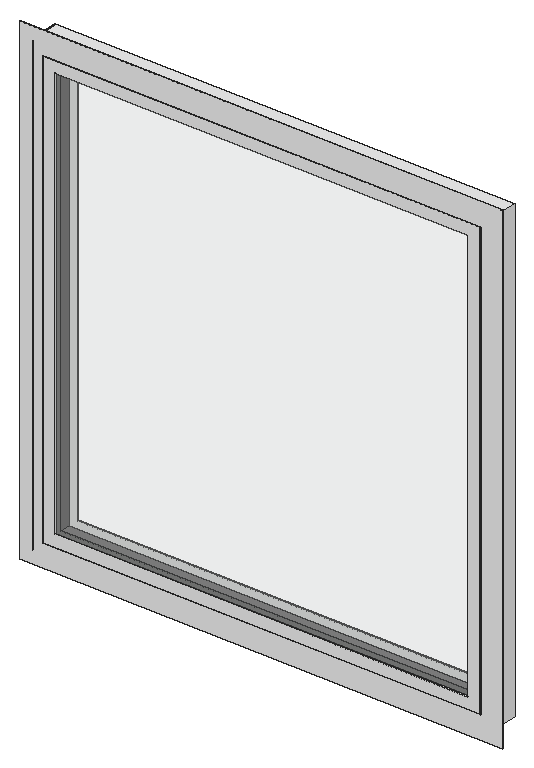
Revit family "Casement_38_C_Top_Hung_Standard", category Windows, host Wall, Revit 2014
Parameters (values of type "Casement_Sash_DG")
  Width Sash [instance] = 30 mm
  Width Sash Inner = 15 mm
  Width Bead = 15 mm
  Top Hung [instance] = yes
  Side Hung Right [instance] = yes
  Side Hung Left [instance] = yes
  Sash Opening Width [instance] = 600 mm
  Sash Opening Height [instance] = 600.312 mm
  Sash Lip = 15 mm
  Glazing Material [instance] = Glass
  DG Start Piece 2 [instance] = DG End Piece 1 + DG Gasket Thickness  # 25 mm
  DG Start Peice 1 [instance] = (Depth Sash - (2 * DG Glazing Thickness) - DG Gasket Thickness) / 2  # 6.6 mm
  Glazing Offset = 5 mm
  DG Glazing Thickness [instance] = 6.4 mm
  DG Gasket Thickness = 12 mm  # constant formula
  DG Gasket Material [instance] = Double Glazing Gasket Material
  DG End Piece 2 [instance] = DG Start Piece 2 + DG Glazing Thickness  # 31.4 mm
  DG End Piece 1 [instance] = DG Start Peice 1 + DG Glazing Thickness  # 13 mm
  Depth Sash [instance] = 38 mm
  Center Vertical Sash [instance] = Sash Opening Height / 2  # 300.156 mm
  Center Horizontal Sash [instance] = Sash Opening Width / 2  # 300 mm
  Bottom Hung [instance] = yes
  Bead Offset = 15 mm
  Aluminium Thickness = 1 mm
  Aluminium Material [instance] = White Powder Coated Aluminium
Reference planes
  plane 1 "Center (Front/Back)": y = 0
  plane 2: z = 0
  plane 3 "Center (Left/Right)": x = 0
Forms (mm)
  Sweep 1, solid, material "White Powder Coated Aluminium" <- "Aluminium Material"
    path origin (16.177, 0, 121.331) x (1, 0, 0) y (0, 0, 1)
      loop
        line (0, 0) -> (600, 0) -> (600, 600.312) -> (0, 600.312) -> (0, 0)
    profile origin (316.177, 0, 121.331) x (0, 0, 1) y (0, -1, 0)
      loop
        line (0, 0) -> (30, 0) -> (30, 1) -> (15, 1) -> (15, 38) -> (-15, 38) -> (-15, 37) -> (0, 37) -> (0, 0)
      loop
        line (14, 1) -> (14, 37) -> (1, 37) -> (1, 1) -> (14, 1)
  Sweep 2, solid, material "White Powder Coated Aluminium" <- "Aluminium Material"
    path origin (0, 0, 0) x (1, 0, 0) y (0, 0, 1)
      loop
        line (31.177, 706.643) -> (31.177, 136.331) -> (601.177, 136.331) -> (601.177, 706.643) -> (31.177, 706.643)
    profile origin (316.177, 0, 706.643) x (0, 0, 1) y (0, -1, 0)
      loop
        line (0, 37) -> (0, 38) -> (-15, 38) -> (-15, 37) -> (0, 37)
  Extrusion 3, solid, material "Glass" <- "Glazing Material"
    sketch origin (0, 0, 0) x (1, 0, 0) y (0, 0, 1)
      loop
        line (36.177, 701.643) -> (36.177, 141.331) -> (596.177, 141.331) -> (596.177, 701.643) -> (36.177, 701.643)
    from 6.6 <- "DG Start Peice 1" to 13 <- "DG End Piece 1"
  Extrusion 4, solid, material "Glass" <- "Glazing Material"
    sketch origin (0, 0, 0) x (1, 0, 0) y (0, 0, 1)
      loop
        line (36.177, 701.643) -> (36.177, 141.331) -> (596.177, 141.331) -> (596.177, 701.643) -> (36.177, 701.643)
    from 31.4 <- "DG End Piece 2" to 25 <- "DG Start Piece 2"
  Sweep 5, solid, material "Double Glazing Gasket Material" <- "DG Gasket Material"
    path origin (0, -13, 0) x (1, 0, 0) y (0, 0, 1)
      loop
        line (36.177, 701.643) -> (36.177, 141.331) -> (596.177, 141.331) -> (596.177, 701.643) -> (36.177, 701.643)
    profile origin (316.177, -13, 701.643) x (0, 0, 1) y (0, -1, 0)
      loop
        line (0, 0) -> (0, 12) -> (-7.96, 12) -> (-7.96, 0) -> (0, 0)
Lines and regions (mm)
  model lines
    curve 1: line (1.177, -38, 736.643) -> (31.177, -38, 706.643)
    curve 2: line (601.177, -38, 706.643) -> (631.177, -38, 736.643)
    curve 3: line (601.177, -38, 136.331) -> (631.177, -38, 106.331)
    curve 4: line (1.177, -38, 106.331) -> (31.177, -38, 136.331)
    curve 5: line (631.177, -37, 736.643) -> (616.177, -37, 721.643)
    curve 6: line (1.177, -37, 736.643) -> (16.177, -37, 721.643)
    curve 7: line (1.177, -37, 106.331) -> (16.177, -37, 121.331)
    curve 8: line (631.177, -37, 106.331) -> (616.177, -37, 121.331)
    curve 9: line (616.177, 0, 121.331) -> (586.177, 0, 151.331)
    curve 10: line (46.177, 0, 151.331) -> (16.177, 0, 121.331)
    curve 11: line (616.177, 0, 721.643) -> (586.177, 0, 691.643)
    curve 12: line (46.177, 0, 691.643) -> (16.177, 0, 721.643)
    curve 13: line (31.177, -38, 691.643) -> (46.177, -38, 691.643)
    curve 14: line (586.177, -38, 691.643) -> (601.177, -38, 691.643)
    curve 15: line (586.177, -38, 151.331) -> (601.177, -38, 151.331)
    curve 16: line (31.177, -38, 151.331) -> (46.177, -38, 151.331)
  model lines, style "GenericModelHiddenLines", visible <- "Top Hung"
    curve 17: line (46.386, -31.4, 690.914) -> (316.177, -31.4, 151.331)
    curve 18: line (316.177, -31.4, 151.331) -> (586.177, -31.4, 691.331)
  model lines, style "GenericModelHiddenLines", visible <- "Bottom Hung"
    curve 19: line (46.177, -31.4, 151.331) -> (316.177, -31.4, 691.331)
    curve 20: line (316.177, -31.4, 691.331) -> (586.177, -31.4, 151.331)
  model lines, style "GenericModelHiddenLines", visible <- "Side Hung Left"
    curve 21: line (46.386, -31.4, 690.914) -> (585.24, -31.4, 421.487)
    curve 22: line (585.24, -31.4, 421.487) -> (46.177, -31.4, 151.331)
  model lines, style "GenericModelHiddenLines", visible <- "Side Hung Right"
    curve 23: line (586.177, -31.4, 691.331) -> (46.177, -31.4, 421.487)
    curve 24: line (46.177, -31.4, 421.487) -> (586.177, -31.4, 151.331)
Dimensions and locks
  "Aluminium Thickness": Sweep 1 sketch curve to Sweep 1 sketch curve  (x4)
  "Depth Sash": Sweep 1 sketch curve to Sweep 1 sketch curve
  "Sash Opening Width": Sweep 1 to Sweep 1
  "Sash Opening Height": Sweep 1 to Sweep 1
  "Width Sash": Sweep 1 sketch curve to Sweep 1 sketch curve  (x2)
  "Width Sash Inner": Sweep 1 sketch curve to Sweep 1 sketch curve
  "Sash Lip": Sweep 1 sketch curve to Sweep 1 sketch curve
  "Aluminium Thickness": Sweep 1 to Sweep 2 sketch curve
  "Glazing Offset": Sweep 2 to Extrusion 3 sketch curve  (x3)
  "Glazing Offset": Extrusion 3 sketch curve to Sweep 2
  Sweep 1 to Sweep 1 = 1 mm
  "Aluminium Thickness": Sweep 2 sketch curve to Sweep 2 sketch curve
  "Width Bead": Sweep 2 sketch curve to Sweep 2 sketch curve
  locked: Sweep 5 sketch curve to Sweep 5 sketch curve at 7.96
  "Center Horizontal Sash": Sweep 1 to curve 18
  "Center Horizontal Sash": Sweep 1 to curve 20
  "Center Vertical Sash": Sweep 1 to curve 22
  "Center Vertical Sash": Sweep 1 to curve 24
  aligned and locked: level to plane 2
  aligned and locked: Sweep 1 sketch curve to Sweep 1 sketch curve  (x2)
  aligned and locked: Sweep 2 sketch curve to Sweep 1  (x5)
  aligned and locked: Extrusion 4 sketch curve to Extrusion 3  (x4)
  aligned and locked: Sweep 5 sketch curve to Extrusion 3  (x5)
  aligned and locked: Extrusion 3 to Sweep 5 sketch curve
Automatic sketch dimensions
  plane 3 "Center (Left/Right)" to Sweep 1 sketch curve = 16.177 mm
  level to Sweep 1 sketch curve = 121.331 mm
  plane 3 "Center (Left/Right)" to Sweep 1 sketch curve = 616.177 mm
  level to Sweep 1 sketch curve = 721.643 mm
  profile plane to Sweep 5 sketch curve = 12 mm
  curve 7 to Sweep 1 = 0 mm  (x4)
  curve 6 to Sweep 1 = 0 mm  (x3)
  Sweep 1 to curve 6 = 0 mm
  curve 5 to Sweep 1 = 0 mm  (x3)
  curve 8 to Sweep 1 = 0 mm  (x4)
  Sweep 1 to curve 5 = 0 mm
  curve 16 to Sweep 2 = 0 mm  (x3)
  curve 13 to Sweep 2 = 0 mm  (x3)
  curve 15 to Sweep 2 = 0 mm
  Sweep 2 to curve 15 = 0 mm  (x2)
  curve 14 to Sweep 2 = 0 mm  (x2)
  Sweep 2 to curve 14 = 0 mm
  curve 1 to Sweep 1 = 0 mm  (x4)
  curve 4 to Sweep 1 = 0 mm  (x3)
  Sweep 1 to curve 4 = 0 mm
  curve 3 to Sweep 1 = 0 mm  (x3)
  curve 2 to Sweep 1 = 0 mm  (x4)
  Sweep 1 to curve 3 = 0 mm
  curve 10 to Sweep 1 = 0 mm  (x4)
  curve 12 to Sweep 1 = 0 mm  (x3)
  Sweep 1 to curve 12 = 0 mm
  curve 9 to Sweep 1 = 0 mm  (x4)
  curve 11 to Sweep 1 = 0 mm  (x3)
  Sweep 1 to curve 11 = 0 mm
  Sweep 1 sketch curve to plane 1 "Center (Front/Back)" = 0 mm
  profile plane to Sweep 1 sketch curve = 0 mm
  curve 21 to Extrusion 4 = 10.208 mm
  curve 19 to Extrusion 4 = 10 mm
  curve 23 to Extrusion 4 = 10 mm  (x2)
  curve 22 to Extrusion 4 = 10.937 mm
  curve 20 to Extrusion 4 = 10 mm
  curve 24 to Extrusion 4 = 10 mm
  curve 22 to Extrusion 4 = 10 mm
  curve 18 to Extrusion 4 = 10 mm
  curve 21 to Extrusion 4 = 10.729 mm
  curve 19 to Extrusion 4 = 10.312 mm
  curve 18 to Extrusion 4 = 10.312 mm
Types in the file's own list only (6): name | Windload Design | Width Sash Right Opening | Width Sash Right | Width Sash Left Opening | Width Sash Left | Width Profile | Width Fixed Panel Center | Width | URL | Offset Window Exterior | Offset Mullion Right Side | Max System DG Unit Thickness | Max System DG One Piece Thickness | Max Pane Area | Limit Fixed Pane Width Max | Intruderprufe U Value | Intruderprufe SHGC Value | Intruderprufe LowE U Value | Intruderprufe LowE SHGC Value | Intruderprufe Insulated U Value | Intruderprufe Insulated SHGC Value | Intruderprufe Insulated LowE U Value | Intruderprufe Insulated LowE SHGC Value | Height Sash Opening | Height | Energy Advantage U Value | Energy Advantage SHGC Value | DG Thickness Calc | Custom Window Width | Custom Window Height | Window Exterior Offset | Custom Windload | Custom Sash Right Width | Custom Sash Left Width | Sash Height | Sash Spacing Inner | Sash Overlap | Sash Center Offset | SG Gasket Thickness | Offset Sash Side | Offset Sash Top | Offset Fixed Panel Left | Offset Mullion Left Side | Offset Bead Center Reversed | Model | Manufacturer | Limit Window Width Min | Limit Window Width Max | Limit Window Height Min | Limit Window Height Max | Limit Sash Width Min | Limit Sash Width Max | Limit Sash Height Min | Limit Sash Height Max | Limit Fixed Pane Width Min | Length Mullion | Height Sash | Height Fixed Panel Center | Description | Depth Mullion | Frame Center Offset | Depth Bead | Default Sill Height | Wall Closure | DG Gasket Finish | DG Extrusion Start | Mullion Depth Windload Based | Clearvue U Value | Clearvue SHGC Value | Clearvue Insulated U Value | Clearvue Insulated SHGC Value | Clearvue Insulated LowE U Value | Clearvue Insulated LowE SHGC Value | Casement Dimension | Bottom Hung | Bead SG Gap | Area Pane Right | Area Pane Middle | Area Pane Left
  38-1806TT-1000Pa | 1000 mm | 524 mm | 554 mm | 524 mm | 554 mm | 30 mm | 590 mm | 1790 mm | "http://www.crealco.co.za/crealco-products.php" | 19 mm | 570 mm | 25 mm | 6 mm | 0.30 m² | 1500 mm | 6.12 | 0.554 | 4.73 | 0.481 | 4.13 | 0.462 | 3.68 | 0.422 | 544 mm | 590 mm | 4.85 | 0.512 | 4 mm | 1790 mm | 590 mm | 0 mm | 1000 mm | 554 mm | 554 mm | 545 mm | 8 mm | 7 mm | 16 mm | 6 mm | 23 mm | 23 mm | 600 mm | 570 mm | 19 mm | "Casement 38" | "Crealco" | 1400 mm | 2700 mm | 346 mm | 1246 mm | 300 mm | 1500 mm | 300 mm | 1200 mm | 200 mm | 590 mm | 514 mm | 530 mm | "Window 38mm, Type C top hung" | 39 mm | 19 mm | 24 mm | 800 mm | By host | Double Glazing Gasket Material | 9 mm | 39 mm | 6.26 | 0.57 | 4.23 | 0.499 | 3.77 | 0.455 | 38 mm | No | 13 mm | 0.22 m² | 0.30 m² | 0.22 m²
  38-1806TT-1500Pa | 1500 mm | 524 mm | 554 mm | 524 mm | 554 mm | 30 mm | 590 mm | 1790 mm | "http://www.crealco.co.za/crealco-products.php" | 19 mm | 570 mm | 25 mm | 6 mm | 0.30 m² | 1500 mm | 6.12 | 0.554 | 4.73 | 0.481 | 4.13 | 0.462 | 3.68 | 0.422 | 544 mm | 590 mm | 4.85 | 0.512 | 4 mm | 1790 mm | 590 mm | 0 mm | 1500 mm | 554 mm | 554 mm | 545 mm | 8 mm | 7 mm | 16 mm | 6 mm | 23 mm | 23 mm | 600 mm | 570 mm | 19 mm | "Casement 38" | "Crealco" | 1400 mm | 2700 mm | 346 mm | 1246 mm | 300 mm | 1500 mm | 300 mm | 1200 mm | 200 mm | 590 mm | 514 mm | 530 mm | "Window 38mm, Type C top hung" | 39 mm | 19 mm | 24 mm | 800 mm | By host | Double Glazing Gasket Material | 9 mm | 39 mm | 6.26 | 0.57 | 4.23 | 0.499 | 3.77 | 0.455 | 38 mm | No | 13 mm | 0.22 m² | 0.30 m² | 0.22 m²
  38-1806TT-2000Pa | 2000 mm | 524 mm | 554 mm | 524 mm | 554 mm | 30 mm | 590 mm | 1790 mm | "http://www.crealco.co.za/crealco-products.php" | 19 mm | 570 mm | 25 mm | 6 mm | 0.30 m² | 1500 mm | 6.12 | 0.554 | 4.73 | 0.481 | 4.13 | 0.462 | 3.68 | 0.422 | 544 mm | 590 mm | 4.85 | 0.512 | 4 mm | 1790 mm | 590 mm | 0 mm | 2000 mm | 554 mm | 554 mm | 545 mm | 8 mm | 7 mm | 16 mm | 6 mm | 23 mm | 23 mm | 600 mm | 570 mm | 19 mm | "Casement 38" | "Crealco" | 1400 mm | 2700 mm | 346 mm | 1246 mm | 300 mm | 1500 mm | 300 mm | 1200 mm | 200 mm | 590 mm | 514 mm | 530 mm | "Window 38mm, Type C top hung" | 39 mm | 19 mm | 24 mm | 800 mm | By host | Double Glazing Gasket Material | 9 mm | 39 mm | 6.26 | 0.57 | 4.23 | 0.499 | 3.77 | 0.455 | 38 mm | No | 13 mm | 0.22 m² | 0.30 m² | 0.22 m²
  38-2406TT-1000Pa | 1000 mm | 524 mm | 554 mm | 524 mm | 554 mm | 30 mm | 1190 mm | 2390 mm | "http://www.crealco.co.za/crealco-products.php" | 19 mm | 570 mm | 25 mm | 6 mm | 0.61 m² | 1500 mm | 6.06 | 0.585 | 4.57 | 0.511 | 3.94 | 0.494 | 3.45 | 0.449 | 544 mm | 590 mm | 4.69 | 0.545 | 4 mm | 2390 mm | 590 mm | 0 mm | 1000 mm | 554 mm | 554 mm | 545 mm | 8 mm | 7 mm | 16 mm | 6 mm | 23 mm | 23 mm | 600 mm | 570 mm | 19 mm | "Casement 38" | "Crealco" | 1400 mm | 2700 mm | 346 mm | 1246 mm | 300 mm | 1500 mm | 300 mm | 1200 mm | 200 mm | 590 mm | 514 mm | 530 mm | "Window 38mm, Type C top hung" | 39 mm | 19 mm | 24 mm | 800 mm | By host | Double Glazing Gasket Material | 9 mm | 39 mm | 6.19 | 0.608 | 4.03 | 0.532 | 3.52 | 0.485 | 38 mm | No | 13 mm | 0.22 m² | 0.61 m² | 0.22 m²
  38-2406TT-1500Pa | 1500 mm | 524 mm | 554 mm | 524 mm | 554 mm | 30 mm | 1190 mm | 2390 mm | "http://www.crealco.co.za/crealco-products.php" | 19 mm | 570 mm | 25 mm | 6 mm | 0.61 m² | 1500 mm | 6.06 | 0.585 | 4.57 | 0.511 | 3.94 | 0.494 | 3.45 | 0.449 | 544 mm | 590 mm | 4.69 | 0.545 | 4 mm | 2390 mm | 590 mm | 0 mm | 1500 mm | 554 mm | 554 mm | 545 mm | 8 mm | 7 mm | 16 mm | 6 mm | 23 mm | 23 mm | 600 mm | 570 mm | 19 mm | "Casement 38" | "Crealco" | 1400 mm | 2700 mm | 346 mm | 1246 mm | 300 mm | 1500 mm | 300 mm | 1200 mm | 200 mm | 590 mm | 514 mm | 530 mm | "Window 38mm, Type C top hung" | 39 mm | 19 mm | 24 mm | 800 mm | By host | Double Glazing Gasket Material | 9 mm | 39 mm | 6.19 | 0.608 | 4.03 | 0.532 | 3.52 | 0.485 | 38 mm | No | 13 mm | 0.22 m² | 0.61 m² | 0.22 m²
  38-2406TT-2000Pa | 2000 mm | 524 mm | 554 mm | 524 mm | 554 mm | 30 mm | 1190 mm | 2390 mm | "http://www.crealco.co.za/crealco-products.php" | 19 mm | 570 mm | 25 mm | 6 mm | 0.61 m² | 1500 mm | 6.06 | 0.585 | 4.57 | 0.511 | 3.94 | 0.494 | 3.45 | 0.449 | 544 mm | 590 mm | 4.69 | 0.545 | 4 mm | 2390 mm | 590 mm | 0 mm | 2000 mm | 554 mm | 554 mm | 545 mm | 8 mm | 7 mm | 16 mm | 6 mm | 23 mm | 23 mm | 600 mm | 570 mm | 19 mm | "Casement 38" | "Crealco" | 1400 mm | 2700 mm | 346 mm | 1246 mm | 300 mm | 1500 mm | 300 mm | 1200 mm | 200 mm | 590 mm | 514 mm | 530 mm | "Window 38mm, Type C top hung" | 39 mm | 19 mm | 24 mm | 800 mm | By host | Double Glazing Gasket Material | 9 mm | 39 mm | 6.19 | 0.608 | 4.03 | 0.532 | 3.52 | 0.485 | 38 mm | No | 13 mm | 0.22 m² | 0.61 m² | 0.22 m²
